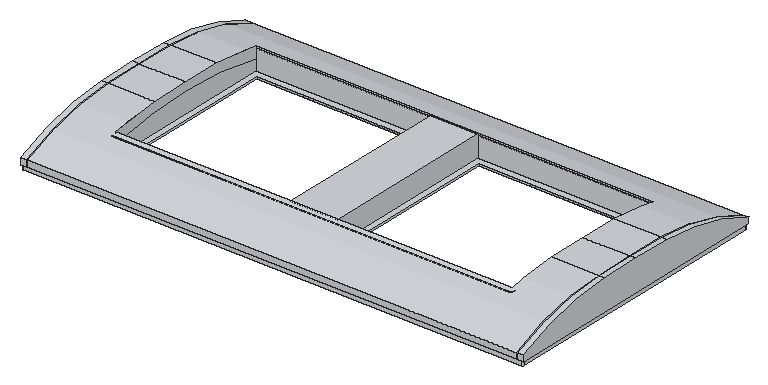
Revit family "Gira_0212328", category Electrical Fixtures, host Face, Revit 2017
Family settings
  Host = Face
  Maintain Annotation Orientation = No
  Round Connector Dimension = Use Diameter
  Part Type = Normal
  Cut with Voids When Loaded = No
  Shared = No
  Room Calculation Point = No
Parameters (values of type "Abdeckrahmen 2f Zwischenr. RW Gira Event Anthrazit")
  Werkstoffgüte = "Thermoplast"
  Werkstoff = "Kunststoff"
  URL = "http://katalog.gira.de/de_DE/datenblatt.html?artikelnr=0212328"
  Transparent = "No"
  Textfeld/Beschriftungsfläche = "No"
  Schutzart (IP) = "IP20"
  Region = "DE"
  Oberfläche = "sonstige"
  Name = "Abdeckrahmen 2f Zwischenr. RW Gira Event Anthrazit"
  Montagerichtung = "horizontal und vertikal"
  Mit Montagerahmen = "No"
  Mit Klappdeckel = "No"
  Manufacturer URL = "https://www.gira.de/"
  Keynote = "Event_Rahmen_2fach"
  HeinzeBIM = "https://bimportal.heinze.de/bim/abdeckrahmen-2f-zwischenr-rw-gira-event-anthrazit/83c83cb5f3f67f389c33af3337404180c0e52849"
  Halogenfrei = "Yes"
  HAN = "0212328"
  Geeignet für Unterputz-Installation = "Yes"
  Geeignet für Unterflurkanaldose = "No"
  Geeignet für Geräteeinbaukanal = "No"
  Geeignet für Einbauinstallation = "No"
  GTIN = "4010337074236"
  Farbe = "anthrazit"
  Default Elevation = 1219.2 mm
  Data sheet (1) = "https://katalog.gira.de/de_DE/download.html?artikelnr=0212328"
  Category = "Abdeckrahmen"
  Befestigungsart = "Klemmbefestigung"
  Available = "Yes"
  Anzahl der Einheiten vertikal = "2 "
  Anzahl der Einheiten horizontal = "2 "
  Anzahl der Einheiten = "2 "
Reference planes
  plane 1 "Center (Front/Back)": y = 0
  plane 2: z = 0
  plane 3 "Center (Left/Right)": x = 0
Forms (mm)
  Extrusion 1, solid, detail levels fine
    sketch origin (0, 0, 0.05) x (0, 1, 0) y (0, 0, 1)
      loop
        arc (12.445, 9.683) -> (6.223, 9.833) -> (0, 9.85) r 291.636
        arc (0, 9.85) -> (-6.223, 9.833) -> (-12.445, 9.683) r 291.636
        arc (-12.445, 9.683) -> (-29.14, 7.482) -> (-45, 1.823) r 79.728
        line (-45, 1.823) -> (-45, -0.05) -> (-42.086, -0.05)
        arc (-42.086, -0.05) -> (-21.385, 5.559) -> (0, 7.206) r 114.424
        arc (0, 7.206) -> (21.385, 5.559) -> (42.086, -0.05) r 114.424
        line (42.086, -0.05) -> (45, -0.05) -> (45, 1.823)
        arc (45, 1.823) -> (29.14, 7.482) -> (12.445, 9.683) r 79.728
    from -78.55 to 78.55
  Extrusion 2, void, detail levels fine
    sketch origin (0, 0, 0) x (1, 0, 0) y (0, 1, 0)
      loop
        line (-63.55, -27.937) -> (63.55, -27.937) -> (63.55, 28.063) -> (-63.55, 28.063) -> (-63.55, -27.937)
    from 0.724 to 11
  Extrusion 3, solid, detail levels coarse
    sketch origin (0, 0, 0) x (1, 0, 0) y (0, 1, 0)
      loop
        line (-80.55, 45) -> (-80.55, -45) -> (80.55, -45) -> (80.55, 45) -> (-80.55, 45)
    from -1.5 to 9.9
  Extrusion 4, solid, detail levels medium
    sketch origin (0, 0, 0.05) x (0, 1, 0) y (0, 0, 1)
      loop
        arc (12.445, 9.683) -> (6.223, 9.833) -> (0, 9.85) r 291.636
        arc (0, 9.85) -> (-6.223, 9.833) -> (-12.445, 9.683) r 291.636
        arc (-12.445, 9.683) -> (-29.14, 7.482) -> (-45, 1.823) r 79.728
        line (-45, 1.823) -> (-45, -0.05) -> (45, -0.05) -> (45, 1.823)
        arc (45, 1.823) -> (29.14, 7.482) -> (12.445, 9.683) r 79.728
    from -80.55 to 80.55
  Extrusion 5, solid, detail levels fine
    sketch origin (-35.55, 0, -1.5) x (0, 1, 0) y (0, 0, -1)
      loop
        line (45, -3.373) -> (45, -1.5) -> (-45, -1.5) -> (-45, -3.373)
        arc (-45, -3.373) -> (-29.14, -9.032) -> (-12.445, -11.233) r 79.728
        arc (-12.445, -11.233) -> (-6.223, -11.383) -> (0, -11.4) r 291.636
        arc (0, -11.4) -> (6.223, -11.383) -> (12.445, -11.233) r 291.636
        arc (12.445, -11.233) -> (29.14, -9.032) -> (45, -3.373) r 79.728
    from 43 to 45
  Extrusion 6, solid, detail levels fine
    sketch origin (0, 0, 0) x (1, 0, 0) y (0, 1, 0)
      loop
        line (-61.45, 25.7) -> (-61.45, -25.7) -> (-9.65, -25.7) -> (-9.65, 25.7) -> (-61.45, 25.7)
      loop
        line (61.45, -25.7) -> (61.45, 25.7) -> (9.65, 25.7) -> (9.65, -25.7) -> (61.45, -25.7)
      loop
        line (-64.445, 28.49) -> (-64.445, -28.495)
        spline (-64.445, -28.495) -> (-64.436, -28.625) -> (-64.411, -28.754) -> (-64.369, -28.878) -> (-64.311, -28.995) -> (-64.238, -29.104) -> (-64.152, -29.202) -> (-64.054, -29.288) -> (-63.945, -29.361) -> (-63.828, -29.419) -> (-63.704, -29.461) -> (-63.575, -29.486) -> (-63.445, -29.495)
        line (-63.445, -29.495) -> (63.445, -29.495)
        spline (63.445, -29.495) -> (63.575, -29.486) -> (63.704, -29.461) -> (63.828, -29.419) -> (63.945, -29.361) -> (64.054, -29.288) -> (64.152, -29.202) -> (64.238, -29.104) -> (64.311, -28.995) -> (64.369, -28.878) -> (64.411, -28.754) -> (64.436, -28.625) -> (64.445, -28.495)
        line (64.445, -28.495) -> (64.445, 28.49)
        spline (64.445, 28.49) -> (64.436, 28.62) -> (64.411, 28.748) -> (64.369, 28.872) -> (64.311, 28.99) -> (64.238, 29.098) -> (64.152, 29.197) -> (64.054, 29.283) -> (63.945, 29.356) -> (63.828, 29.413) -> (63.704, 29.456) -> (63.575, 29.481) -> (63.445, 29.49)
        line (63.445, 29.49) -> (-63.445, 29.49)
        spline (-63.445, 29.49) -> (-63.575, 29.481) -> (-63.704, 29.456) -> (-63.828, 29.413) -> (-63.945, 29.356) -> (-64.054, 29.283) -> (-64.152, 29.197) -> (-64.238, 29.098) -> (-64.311, 28.99) -> (-64.369, 28.872) -> (-64.411, 28.748) -> (-64.436, 28.62) -> (-64.445, 28.49)
    from 0.1 to 7.3
  Extrusion 7, solid
    sketch origin (0, 0, 0) x (1, 0, 0) y (0, 1, 0)
      loop
        arc (-80.25, -44.2) -> (-80.104, -44.554) -> (-79.75, -44.7) r 0.5
        line (-79.75, -44.7) -> (79.75, -44.7)
        arc (79.75, -44.7) -> (80.104, -44.554) -> (80.25, -44.2) r 0.5
        line (80.25, -44.2) -> (80.25, 44.2)
        arc (80.25, 44.2) -> (80.104, 44.554) -> (79.75, 44.7) r 0.5
        line (79.75, 44.7) -> (-79.75, 44.7)
        arc (-79.75, 44.7) -> (-80.104, 44.554) -> (-80.25, 44.2) r 0.5
        line (-80.25, 44.2) -> (-80.25, -44.2)
      loop
        line (-78.55, 43) -> (-78.55, -43) -> (78.55, -43) -> (78.55, 43) -> (-78.55, 43)
    from -1.5 to 0.5
  Extrusion 8, solid, detail levels fine
    sketch origin (35.55, 0, -1.5) x (0, 1, 0) y (0, 0, 1)
      loop
        arc (45, 3.373) -> (29.14, 9.032) -> (12.445, 11.233) r 79.728
        arc (12.445, 11.233) -> (6.223, 11.383) -> (0, 11.4) r 291.636
        arc (0, 11.4) -> (-6.223, 11.383) -> (-12.445, 11.233) r 291.636
        arc (-12.445, 11.233) -> (-29.14, 9.032) -> (-45, 3.373) r 79.728
        line (-45, 3.373) -> (-45, 1.5) -> (45, 1.5) -> (45, 3.373)
    from 43 to 45
  Extrusion 9, solid, detail levels medium
    sketch origin (0, 0, 0) x (1, 0, 0) y (0, 1, 0)
      loop
        line (-80.25, -44.7) -> (80.25, -44.7) -> (80.25, 44.7) -> (-80.25, 44.7) -> (-80.25, -44.7)
    from -1.5 to 0.5
  Extrusion 10, solid, detail levels fine
    sketch origin (0, 0, 0) x (1, 0, 0) y (0, 1, 0)
      loop
        line (-7.55, 28.063) -> (-7.55, -27.937) -> (7.55, -27.937) -> (7.55, 28.063) -> (-7.55, 28.063)
    from 0.724 to 7.566
Cuts and joins
  Extrusion 2 cuts Extrusion 1
  Extrusion 2 cuts Extrusion 6
Dimensions and locks
  aligned and locked: plane 2 to host face
  aligned and locked: level to host face
